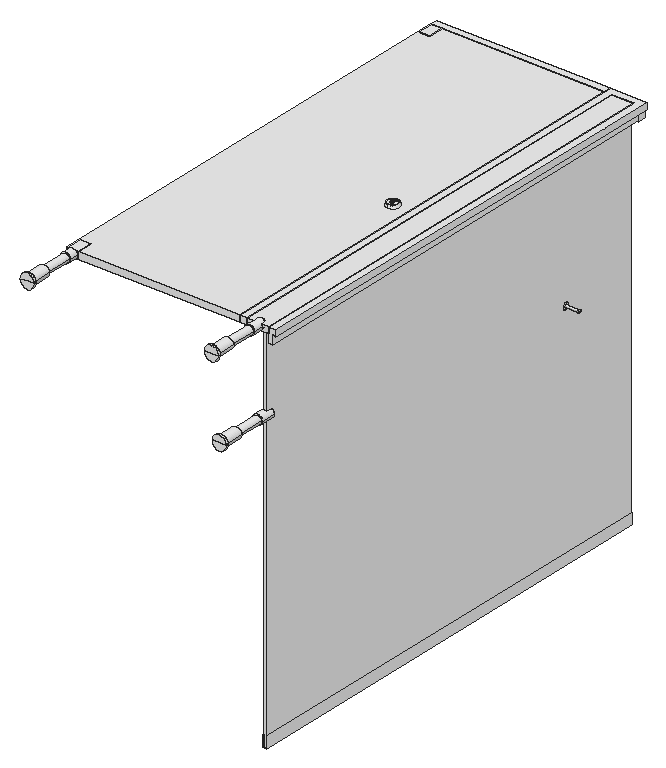
Revit family "Partition-Bobrick-Evolve", category Specialty Equipment, host Face, Revit 2015 (continued)
Automatic sketch dimensions
  Masking region 6 sketch curve to Masking region 6 sketch curve = 0.03239"  (x2)
  Masking region 6 sketch curve to Masking region 6 sketch curve = 0.02826"  (x2)
  Masking region 6 sketch curve to Masking region 6 sketch curve = 0.03304"  (x2)
  Masking region 6 sketch curve to Masking region 6 sketch curve = 0.56262"
  plane 13 to Masking region 6 sketch curve = 0.35448"
  Masking region 6 sketch curve to plane 20 = 1.46428"
  plane 13 to Masking region 6 sketch curve = 0.36434"
  Masking region 6 sketch curve to Masking region 6 sketch curve = 0.02974"
  Masking region 6 sketch curve to Masking region 6 sketch curve = 0.1208"
  Masking region 6 sketch curve to Masking region 6 sketch curve = 0.00973"
  Masking region 6 sketch curve to plane 32 = 0.37593"
  Masking region 6 sketch curve to Masking region 6 sketch curve = 0.55033"
  Masking region 6 sketch curve to Masking region 6 sketch curve = 0.29156"  (x2)
  Masking region 6 sketch curve to Masking region 6 sketch curve = 0.02856"  (x2)
  Masking region 6 sketch curve to Masking region 6 sketch curve = 0.05877"
  Masking region 8 sketch curve to plane 5 = 0"
  Masking region 8 sketch curve to Masking region 8 sketch curve = 1/16"
  Masking region 9 sketch curve to plane 5 = 0"
  plane 27 to Masking region 9 sketch curve = 0"
  Masking region 9 sketch curve to plane 17 = 1/4"
  Masking region 10 sketch curve to plane 41 = 0"
  level to Extrusion 12 sketch curve = 1/16"
  Revolve 13 sketch curve to plane 8 = 0"
  Revolve 13 sketch curve to plane 4 = 0"
  Revolve 13 sketch curve to Revolve 13 sketch curve = 1/32"
  plane 4 to Revolve 13 sketch curve = 0.52383"
  Revolve 13 sketch curve to Revolve 13 sketch curve = 1/4"
  Revolve 13 sketch curve to Revolve 13 sketch curve = 0.07201"
  Extrusion 14 sketch curve to plane 14 = 0.24865"
  Revolve 15 sketch curve to plane 4 = 0"
  Revolve 15 sketch curve to Revolve 15 sketch curve = 1/32"
  plane 4 to Revolve 15 sketch curve = 0.52383"
  Revolve 15 sketch curve to Revolve 15 sketch curve = 1/4"
  Revolve 15 sketch curve to Revolve 15 sketch curve = 1"
  Revolve 15 sketch curve to Revolve 15 sketch curve = 0.07201"
  plane 14 to Extrusion 17 sketch curve = 0"
  Extrusion 18 sketch curve to plane 13 = 0"
  Revolve 19 sketch curve to plane 4 = 0"
  Revolve 19 sketch curve to Revolve 19 sketch curve = 0.16969"
  Revolve 19 sketch curve to Revolve 19 sketch curve = 0.05413"
  Revolve 19 sketch curve to Revolve 19 sketch curve = 1/32"  (x2)
  plane 4 to Revolve 19 sketch curve = 0.52383"
  Revolve 19 sketch curve to Revolve 19 sketch curve = 1/4"
  Revolve 19 sketch curve to Revolve 19 sketch curve = 0.29391"
  Revolve 19 sketch curve to Revolve 19 sketch curve = 0.43108"
  Revolve 19 sketch curve to Revolve 19 sketch curve = 0.35908"
  Revolve 20 sketch curve to plane 4 = 0"
  Revolve 20 sketch curve to plane 39 = 0.19125"
  Revolve 20 sketch curve to Revolve 20 sketch curve = 0.16969"
  Revolve 20 sketch curve to Revolve 20 sketch curve = 0.05413"
  Revolve 20 sketch curve to Revolve 20 sketch curve = 1/32"
  plane 4 to Revolve 20 sketch curve = 0.52383"
  plane 4 to Revolve 20 sketch curve = 1/4"
  Revolve 20 sketch curve to Revolve 20 sketch curve = 0.29391"
  Revolve 20 sketch curve to Revolve 20 sketch curve = 0.43108"
  Revolve 20 sketch curve to Revolve 20 sketch curve = 0.35908"
  Revolve 21 sketch curve to plane 4 = 0"
  Revolve 21 sketch curve to Revolve 21 sketch curve = 0.16969"
  Revolve 21 sketch curve to Revolve 21 sketch curve = 0.05413"
  Revolve 21 sketch curve to Revolve 21 sketch curve = 1/32"  (x2)
  plane 4 to Revolve 21 sketch curve = 0.52383"
  plane 4 to Revolve 21 sketch curve = 1/4"
  Revolve 21 sketch curve to Revolve 21 sketch curve = 0.29391"
  Revolve 21 sketch curve to Revolve 21 sketch curve = 0.43108"
  Revolve 21 sketch curve to Revolve 21 sketch curve = 0.35908"
  Extrusion 22 sketch curve to level = 0"
  Extrusion 22 sketch curve to Extrusion 22 sketch curve = 1/16"
  level to Extrusion 23 sketch curve = 1/16"
  Extrusion 24 sketch curve to plane 28 = 0"
  Extrusion 24 sketch curve to level = 0"
  Extrusion 24 sketch curve to Extrusion 24 sketch curve = 1/16"
  Extrusion 26 sketch curve to level = 0"
  Extrusion 26 sketch curve to Extrusion 26 sketch curve = 1/16"  (x2)
  Extrusion 27 sketch curve to level = 0"
  Extrusion 27 sketch curve to Extrusion 27 sketch curve = 1/16"  (x2)
  Extrusion 28 sketch curve to plane 17 = 1/4"
  Revolve 29 sketch curve to plane 31 = 4.98393"
  Revolve 29 sketch curve to Revolve 29 sketch curve = 2"
  plane 14 to Revolve 30 sketch curve = 0"
  Revolve 30 sketch curve to plane 31 = 0.98393"
  Revolve 31 sketch curve to plane 4 = 0"
  Revolve 31 sketch curve to Revolve 31 sketch curve = 0.16969"
  Revolve 31 sketch curve to Revolve 31 sketch curve = 0.05413"
  Revolve 31 sketch curve to Revolve 31 sketch curve = 1/32"  (x2)
  plane 4 to Revolve 31 sketch curve = 0.52383"
  Revolve 31 sketch curve to Revolve 31 sketch curve = 1/4"
  Revolve 31 sketch curve to Revolve 31 sketch curve = 0.29391"
  Revolve 31 sketch curve to Revolve 31 sketch curve = 0.43108"
  Revolve 31 sketch curve to Revolve 31 sketch curve = 0.35908"
  Revolve 32 sketch curve to plane 12 "Center (Left/Right)" = 1/2"
  plane 12 "Center (Left/Right)" to Revolve 32 sketch curve = 1 1/2"
  curve 17 to curve 18 = 0.60406"
  curve 17 to curve 18 = 0.29156"
  Masking region 7 sketch curve to plane 13 = 0"
  plane 42 to Masking region 7 sketch curve = 0.14463"
  plane 13 to Masking region 7 sketch curve = 0.37475"
  plane 42 to Masking region 7 sketch curve = 0.11527"
  Masking region 7 sketch curve to Masking region 7 sketch curve = 0.00973"
  plane 35 to Masking region 7 sketch curve = 0.74061"
  Masking region 7 sketch curve to Masking region 7 sketch curve = 0.03364"
  Masking region 7 sketch curve to Masking region 7 sketch curve = 0.54964"
  Masking region 7 sketch curve to Masking region 7 sketch curve = 0.62431"
  Masking region 7 sketch curve to Masking region 7 sketch curve = 0.29156"
  Masking region 7 sketch curve to Masking region 7 sketch curve = 0"
  Masking region 7 sketch curve to Masking region 7 sketch curve = 0.02856"  (x2)
  Masking region 7 sketch curve to Masking region 7 sketch curve = 0.00416"  (x2)
  Masking region 7 sketch curve to Masking region 7 sketch curve = 0.05877"  (x2)
  Masking region 7 sketch curve to Masking region 7 sketch curve = 0.03304"
  plane 32 to Masking region 7 sketch curve = 1/32"
  Masking region 7 sketch curve to plane 32 = 0.32086"
  Masking region 7 sketch curve to plane 32 = 0.32323"
  Masking region 7 sketch curve to Masking region 7 sketch curve = 0.01061"
  Masking region 7 sketch curve to Masking region 7 sketch curve = 0.00986"
  Masking region 7 sketch curve to Masking region 7 sketch curve = 0.0337"
  Masking region 7 sketch curve to plane 42 = 0.42951"
  Masking region 7 sketch curve to plane 42 = 0.01207"
  Masking region 7 sketch curve to Masking region 7 sketch curve = 2.62624"
  Masking region 7 sketch curve to Masking region 7 sketch curve = 0.12026"
  Masking region 7 sketch curve to Masking region 7 sketch curve = 0.59331"
  Masking region 7 sketch curve to Masking region 7 sketch curve = 0.03239"  (x2)
  Masking region 7 sketch curve to Masking region 7 sketch curve = 0.56262"
  plane 25 to Masking region 7 sketch curve = 0.77678"
  Masking region 7 sketch curve to Masking region 7 sketch curve = 0.1208"
  Masking region 5 sketch curve to plane 6 = 0"
  plane 42 to Masking region 5 sketch curve = 0.14463"
  plane 14 to Masking region 5 sketch curve = 0.37475"
  plane 42 to Masking region 5 sketch curve = 0.11527"
  Masking region 5 sketch curve to Masking region 5 sketch curve = 0.00973"
  plane 34 to Masking region 5 sketch curve = 0.74061"
  Masking region 5 sketch curve to Masking region 5 sketch curve = 0.03364"
  Masking region 5 sketch curve to Masking region 5 sketch curve = 0.54436"
  Masking region 5 sketch curve to Masking region 5 sketch curve = 0.61904"
  Masking region 5 sketch curve to Masking region 5 sketch curve = 0.29156"
  Masking region 5 sketch curve to Masking region 5 sketch curve = 0"
  Masking region 5 sketch curve to Masking region 5 sketch curve = 0.02856"  (x2)
  Masking region 5 sketch curve to Masking region 5 sketch curve = 0.00416"  (x2)
  Masking region 5 sketch curve to Masking region 5 sketch curve = 0.05877"  (x2)
  Masking region 5 sketch curve to Masking region 5 sketch curve = 0.03304"
  plane 31 to Masking region 5 sketch curve = 0.01607"
  Masking region 5 sketch curve to plane 31 = 0.33604"
  Masking region 5 sketch curve to plane 31 = 0.33841"
  Masking region 5 sketch curve to Masking region 5 sketch curve = 0.01061"
  Masking region 5 sketch curve to Masking region 5 sketch curve = 0.00986"
  Masking region 5 sketch curve to Masking region 5 sketch curve = 0.0337"
  Masking region 5 sketch curve to Masking region 5 sketch curve = 0.62624"
  Masking region 5 sketch curve to Masking region 5 sketch curve = 0.1208"
  plane 25 to Masking region 5 sketch curve = 1.28293"
  Masking region 5 sketch curve to Masking region 5 sketch curve = 0.03239"  (x2)
  Masking region 5 sketch curve to Masking region 5 sketch curve = 0.56262"
  Masking region 5 sketch curve to Masking region 5 sketch curve = 1.6972"
  Masking region 5 sketch curve to Masking region 5 sketch curve = 0.12026"
  Masking region 5 sketch curve to plane 42 = 0.01207"
  Masking region 5 sketch curve to plane 42 = 0.38848"
  curve 37 to curve 36 = 0.29087"
Nested families (in)
  nested 1: "Handle" at (-6, -1.5, 58.80078), visible <- "1 - Left Hinged Inswing", type "Handle"
  nested 2: "Handle" at (-33.375, -1.5, 58.80078) x (-1, 0, 0) z (0, 0, 1), visible <- "3 - Right Hinged Inswing", type "Handle"
  nested 3: "Outswing Handle" at (-33.375, -1.5, 58.80078) x (-1, 0, 0) z (0, 0, 1), visible <- "4 - Right Hinged Outswing", type "Outswing Handle"
  nested 4: "Outswing Handle" at (-6, -1.5, 58.80078), visible <- "2 - Left Hinged Outswing", type "Outswing Handle"
Definition of nested family "Handle"
  Parameters
    Material = "Hardware-Privada-Stainless Steel Satin"
    Hardware Material = none
    Default Elevation = 0"
  Reference planes (in)
    plane 1 "Center (Front/Back)": y = 0
    plane 2: z = 0
    plane 3 "Center (Left/Right)": x = 0
  Forms (in)
    Revolve 1, solid
      sketch origin (3.65718, 0, -27.99683) x (-1, 0, 0) y (0, 0, 1)
        loop
          line (5.94011, 27.58965) -> (5.94011, 25.21465) -> (5.97136, 25.21465)
          arc (5.97136, 25.21465) -> (5.99346, 25.2055) -> (6.00261, 25.1834) r 0.03125
          line (6.00261, 25.1834) -> (6.00261, 25.1209)
          arc (6.00261, 25.1209) -> (6.01177, 25.0988) -> (6.03386, 25.08965) r 0.03125
          arc (6.03386, 25.08965) -> (6.04916, 25.09365) -> (6.06054, 25.10463) r 0.03125
          line (6.06054, 25.10463) -> (6.31511, 25.10463) -> (6.31511, 27.58965) -> (5.94011, 27.58965)
        axis (6.31511, 27.58965) -> (6.31511, 25.08965)
      angle from 0 to 360
    Revolve 2, solid
      sketch origin (3.65718, 0, -27.99683) x (-1, 0, 0) y (0, 0, 1)
        loop
          arc (10.38156, 26.09996) -> (10.37241, 26.12206) -> (10.35031, 26.13121) r 0.03125
          line (10.35031, 26.13121) -> (6.47672, 26.13121) -> (6.47672, 25.81871) -> (10.38156, 25.81871) -> (10.38156, 26.09996)
        axis (6.47672, 25.81871) -> (10.38156, 25.81871)
      angle from 0 to 360
    Extrusion 3, void
      sketch origin (4.00692, 45.11919, -27.99683) x (-1, 0, 0) y (0, 0, 1)
        loop
          line (3.90393, 28.10078) -> (3.90393, 27.5207) -> (4.00692, 27.5207) -> (4.00692, 28.10078) -> (3.90393, 28.10078)
      from -46.11919 to -44.11919
    Sweep 4, solid
      path origin (4.08838, -4, -9.27996) x (0, 1, 0) y (-1, 0, 0)
        loop
          line (5, 3.64754) -> (5, 9.39732)
          arc (5, 9.39732) -> (4, 10.39732) -> (3, 9.39732) r 1
          line (3, 9.39732) -> (3, 3.64754)
          arc (3, 3.64754) -> (4, 2.64754) -> (5, 3.64754) r 1
      profile origin (-2.43405, 1, -9.27996) x (0, -1, 0) y (0, 0, 1)
        loop
          arc (0.1286, 8.89415) -> (0.13998, 8.87868) -> (0.15825, 8.87278) r 0.03125
          line (0.15825, 8.87278) -> (0.15825, 9.27996) -> (0, 9.27996) -> (0.1286, 8.89415)
    Extrusion 5, solid
      sketch origin (4, -0.4375, -71) x (1, 0, 0) y (0, 1, 0)
        loop
          arc (-9.30894, 1.27925) -> (-10.1507, 0.4375) -> (-9.30894, -0.40425) r 0.84175
          line (-9.30894, -0.40425) -> (-3.55916, -0.40425)
          arc (-3.55916, -0.40425) -> (-2.71741, 0.4375) -> (-3.55916, 1.27925) r 0.84175
          line (-3.55916, 1.27925) -> (-9.30894, 1.27925)
      from 70.59282 to 71
    Revolve 6, solid
      sketch origin (-2.62624, -0.4375, -70) x (0, 1, 0) y (0, 0, 1)
        loop
          line (0.4375, 71) -> (1.4375, 71) -> (1.31602, 71.36444)
          arc (1.31602, 71.36444) -> (1.30465, 71.37991) -> (1.28637, 71.38581) r 0.03125
          line (1.28637, 71.38581) -> (0.4375, 71.38581) -> (0.4375, 71)
        axis (0.4375, 71.38581) -> (0.4375, 71)
      angle from 0 to 360
    Extrusion 7, void
      sketch origin (4, -0.4375, -59) x (1, 0, 0) y (0, 1, 0)
        loop
          arc (-6.87356, 0.82352) -> (-6.65447, 0.87408) -> (-6.43538, 0.82352) r 0.5
          arc (-6.43538, 0.82352) -> (-6.26825, 0.88111) -> (-6.32584, 1.04825) r 0.125
          arc (-6.32584, 1.04825) -> (-6.65447, 1.12408) -> (-6.98311, 1.04825) r 0.75
          arc (-6.98311, 1.04825) -> (-7.0407, 0.88111) -> (-6.87356, 0.82352) r 0.125
        loop
          circle (-6.65447, 0.37408) r 0.25
        loop
          circle (-6.65447, 0.37408) r 0.28125
        loop
          line (-6.54481, 0.22912) -> (-6.50061, 0.27331) -> (-6.75524, 0.52794) -> (-6.79944, 0.48375) -> (-6.54481, 0.22912)
      from 60.3481 to 60.40121
  Cuts and joins
    Extrusion 3 cuts Sweep 4
    Extrusion 3 cuts Extrusion 5
    Extrusion 7 cuts Revolve 6
    joined: Revolve 1, Revolve 2, Sweep 4, Extrusion 5, Revolve 6
  Lines and regions (in)
    Split face 1
      outline origin (-2.25561, 0.49838, 1.3481) x (-1, 0, 0) y (0, -1, 0)
        loop
          line (0.61796, 0.11236) -> (0.21972, -0.16649)
  Dimensions and locks (in)
    locked: Sweep 4 sketch curve to Sweep 4 sketch curve at 2
    locked: Sweep 4 sketch curve to Sweep 4 sketch curve at 5.74978
    locked: Sweep 4 sketch curve to Sweep 4 sketch curve at 0.40718
    Extrusion 3 to plane 3 "Center (Left/Right)" = 0.10298"
    aligned and locked: Sweep 4 to Extrusion 3
    aligned and locked: Extrusion 3 to Sweep 4
Definition of nested family "Outswing Handle"
  Parameters (values of type "Outswing Handle")
    Material = "Hardware-Privada-Stainless Steel Satin"
    Hardware Material = none
    Default Elevation = 0"
  Reference planes (in)
    plane 1 "Center (Front/Back)": y = 0
    plane 2: z = 0
    plane 3 "Center (Left/Right)": x = 0
    plane 4: z = 1
    plane 5: y = -2.5
  Forms (in)
    Revolve 1, solid
      sketch origin (3.65718, -2.5, -27.99683) x (-1, 0, 0) y (0, 0, 1)
        loop
          line (5.94011, 27.58965) -> (5.94011, 25.21465) -> (5.97136, 25.21465)
          arc (5.97136, 25.21465) -> (5.99346, 25.2055) -> (6.00261, 25.1834) r 0.03125
          line (6.00261, 25.1834) -> (6.00261, 25.1209)
          arc (6.00261, 25.1209) -> (6.01177, 25.0988) -> (6.03386, 25.08965) r 0.03125
          arc (6.03386, 25.08965) -> (6.04916, 25.09365) -> (6.06054, 25.10463) r 0.03125
          line (6.06054, 25.10463) -> (6.31511, 25.10463) -> (6.31511, 27.58965) -> (5.94011, 27.58965)
        axis (6.31511, 27.58965) -> (6.31511, 25.08965)
      angle from 0 to 360
    Revolve 2, solid
      sketch origin (3.65718, -2.5, -27.99683) x (-1, 0, 0) y (0, 0, 1)
        loop
          arc (10.38156, 26.09996) -> (10.37241, 26.12206) -> (10.35031, 26.13121) r 0.03125
          line (10.35031, 26.13121) -> (6.47672, 26.13121) -> (6.47672, 25.81871) -> (10.38156, 25.81871) -> (10.38156, 26.09996)
        axis (6.47672, 25.81871) -> (10.38156, 25.81871)
      angle from 0 to 360
    Extrusion 3, void
      sketch origin (4.00692, 42.61919, -27.99683) x (-1, 0, 0) y (0, 0, 1)
        loop
          line (3.90393, 28.10078) -> (3.90393, 27.5207) -> (4.00692, 27.5207) -> (4.00692, 28.10078) -> (3.90393, 28.10078)
      from -46.11919 to -44.11919
    Sweep 4, solid
      path origin (4.08838, -6.5, -9.27996) x (0, 1, 0) y (-1, 0, 0)
        loop
          line (5, 3.64754) -> (5, 9.39732)
          arc (5, 9.39732) -> (4, 10.39732) -> (3, 9.39732) r 1
          line (3, 9.39732) -> (3, 3.64754)
          arc (3, 3.64754) -> (4, 2.64754) -> (5, 3.64754) r 1
      profile origin (-2.43405, -1.5, -9.27996) x (0, -1, 0) y (0, 0, 1)
        loop
          arc (0.1286, 8.89415) -> (0.13998, 8.87868) -> (0.15825, 8.87278) r 0.03125
          line (0.15825, 8.87278) -> (0.15825, 9.27996) -> (0, 9.27996) -> (0.1286, 8.89415)
    Extrusion 5, solid
      sketch origin (4, -2.9375, -71) x (1, 0, 0) y (0, 1, 0)
        loop
          arc (-9.30894, 1.27925) -> (-10.1507, 0.4375) -> (-9.30894, -0.40425) r 0.84175
          line (-9.30894, -0.40425) -> (-3.55916, -0.40425)
          arc (-3.55916, -0.40425) -> (-2.71741, 0.4375) -> (-3.55916, 1.27925) r 0.84175
          line (-3.55916, 1.27925) -> (-9.30894, 1.27925)
      from 70.59282 to 71
    Revolve 6, solid
      sketch origin (-2.62624, -0.4375, -70) x (0, 1, 0) y (0, 0, 1)
        loop
          line (0.4375, 71) -> (1.4375, 71) -> (1.31602, 71.36444)
          arc (1.31602, 71.36444) -> (1.30465, 71.37991) -> (1.28637, 71.38581) r 0.03125
          line (1.28637, 71.38581) -> (0.4375, 71.38581) -> (0.4375, 71)
        axis (0.4375, 71.38581) -> (0.4375, 71)
      angle from 0 to 360
    Extrusion 7, void
      sketch origin (4, -0.4375, -59) x (1, 0, 0) y (0, 1, 0)
        loop
          arc (-6.87356, 0.82352) -> (-6.65447, 0.87408) -> (-6.43538, 0.82352) r 0.5
          arc (-6.43538, 0.82352) -> (-6.26825, 0.88111) -> (-6.32584, 1.04825) r 0.125
          arc (-6.32584, 1.04825) -> (-6.65447, 1.12408) -> (-6.98311, 1.04825) r 0.75
          arc (-6.98311, 1.04825) -> (-7.0407, 0.88111) -> (-6.87356, 0.82352) r 0.125
        loop
          circle (-6.65447, 0.37408) r 0.25
        loop
          circle (-6.65447, 0.37408) r 0.28125
        loop
          line (-6.54481, 0.22912) -> (-6.50061, 0.27331) -> (-6.75524, 0.52794) -> (-6.79944, 0.48375) -> (-6.54481, 0.22912)
      from 60.3481 to 60.40121
    Extrusion 8, solid
      sketch origin (-5.25248, 0, 0) x (0, 1, 0) y (0, 0, -1)
        loop
          line (-4.6315, -1) -> (-4.6315, -3) -> (4.6315, -3) -> (4.6315, -1) -> (4.1315, -1) -> (4.1315, -2.5) -> (-4.1315, -2.5) -> (-4.1315, -1) -> (-4.6315, -1)
      from 0.10298 to 0.61683
  Cuts and joins
    Extrusion 3 cuts Sweep 4
    Extrusion 3 cuts Extrusion 5
    Extrusion 7 cuts Revolve 6
    joined: Revolve 1, Revolve 2, Sweep 4, Extrusion 5, Revolve 6
  Lines and regions (in)
    Split face 1
      outline origin (-2.25561, 0.49838, 1.3481) x (-1, 0, 0) y (0, -1, 0)
        loop
          line (0.61796, 0.11236) -> (0.23059, -0.16908)
  Dimensions and locks (in)
    locked: Sweep 4 sketch curve to Sweep 4 sketch curve at 2
    locked: Sweep 4 sketch curve to Sweep 4 sketch curve at 5.74978
    locked: Sweep 4 sketch curve to Sweep 4 sketch curve at 0.40718
    Extrusion 3 to plane 3 "Center (Left/Right)" = 0.10298"
    aligned and locked: Sweep 4 to Extrusion 3
    aligned and locked: Extrusion 3 to Sweep 4
Types (6): name | Warranty Information | URL | Right Stile Width | Right Stile Constraint | Right Side Corner | Right Partition | Right Hinge | Left Stile Option | Left Hinge | 4 - Right Hinged Outswing | Product Page URL | Product Documentation Link | 2 - Left Hinged Outswing | Model | Left Stile Width | Left Stile Constraint | Inswing Visibility | 1 - Left Hinged Inswing | Stall Width Constraint | Door Option | Center Stall Width | Center Stall Constraint | Corner Stall Width | Corner Stall Constraint | Corner Option | Center Stall Option
  (no name) | "" | "http://www.bobrick.com/" | 5 1/2" | 5 1/2" | no | yes | no | no | yes | no | "http://www.bobrick.com/toiletpartitionsystems/Pages/default.aspx" | "" | no | "Evolve Toilet Partition" | 5 1/2" | 5 1/2" | yes | yes | 32 7/8" | 1 | 32 7/8" | 32 7/8" | 32 7/8" | 32 7/8" | no | yes
  Left Corner Partition | "10 Year Warranty" | "http://www.privadapartitions.com/" | 12" | 12" | no | yes | no | yes | yes | no | "http://www.privadapartitions.com/#section-level-two-details" | "http://www.privadapartitions.com/docs/20160209_Privada_Cut_Sheet.pdf" | yes | "Privada Floor-Anchored Toilet Compartment " | 60" | 48" | no | no | 63 3/8" | 2 | 63 3/8" | 48" | 63 3/8" | 63 3/8" | yes | no
  Center Partition | "" | "http://www.bobrick.com/" | 5 1/2" | 5 1/2" | no | yes | no | no | yes | no | "http://www.bobrick.com/toiletpartitionsystems/Pages/default.aspx" | "" | no | "Evolve Toilet Partition" | 5 1/2" | 5 1/2" | yes | yes | 32 7/8" | 1 | 32 7/8" | 32 7/8" | 32 7/8" | 32 7/8" | no | yes
  Right Corner Partition | "10 Year Warranty" | "http://www.privadapartitions.com/" | 60" | 48" | yes | no | yes | no | no | yes | "http://www.privadapartitions.com/#section-level-two-details" | "http://www.privadapartitions.com/docs/20160209_Privada_Cut_Sheet.pdf" | no | "Privada Floor-Anchored Toilet Compartment " | 12" | 12" | no | no | 63 3/8" | 4 | 63 3/8" | 48" | 63 3/8" | 63 3/8" | no | yes
  Right Alcove | "10 Year Warranty" | "http://www.privadapartitions.com/" | 5 1/2" | 5 1/2" | no | no | no | no | yes | no | "http://www.privadapartitions.com/#section-level-two-details" | "http://www.privadapartitions.com/docs/20160209_Privada_Cut_Sheet.pdf" | no | "Privada Floor-Anchored Toilet Compartment " | 5 1/2" | 5 1/2" | yes | yes | 32 7/8" | 1 | 32 7/8" | 32 7/8" | 32 7/8" | 32 7/8" | no | yes
  Left Alcove | "10 Year Warranty" | "http://www.privadapartitions.com/" | 5 1/2" | 5 1/2" | no | yes | no | yes | yes | no | "http://www.privadapartitions.com/#section-level-two-details" | "http://www.privadapartitions.com/docs/20160209_Privada_Cut_Sheet.pdf" | no | "Privada Floor-Anchored Toilet Compartment " | 5 1/2" | 5 1/2" | yes | yes | 32 7/8" | 1 | 32 7/8" | 32 7/8" | 32 7/8" | 32 7/8" | no | yes
